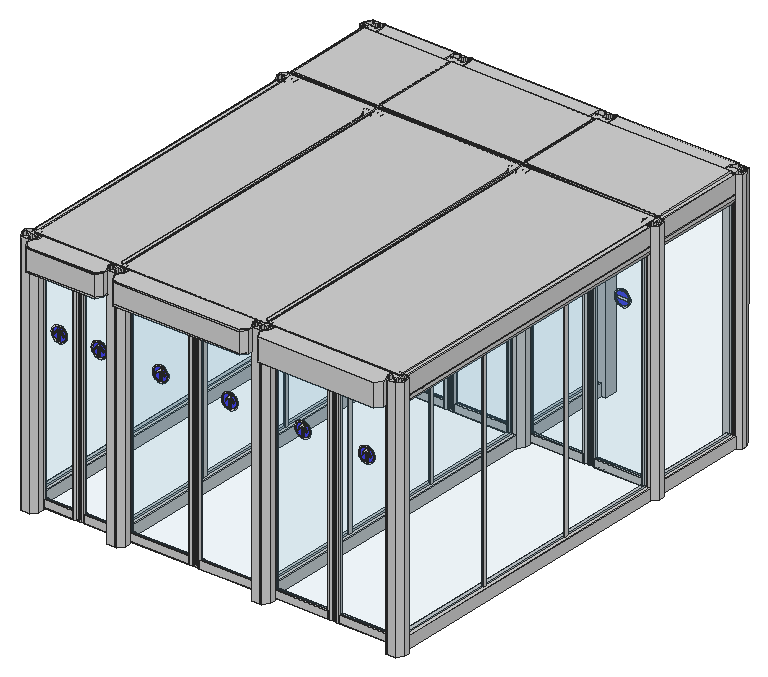
Revit family "ASSA_ABLOY_SecurityPortal_EL_Twin", category Doors, Revit 2020 (continued)
Dimensions and locks
  aligned and locked: curve 71 to plane 17
  aligned and locked: plane 24 to curve 73
  aligned and locked: plane 11 to curve 76
  aligned and locked: curve 75 to plane 12
  aligned and locked: plane 22 to curve 78
  aligned and locked: curve 80 to plane 12
  aligned and locked: plane 11 to curve 79
  aligned and locked: curve 77 to plane 23
  aligned and locked: plane 20 to curve 82
  aligned and locked: curve 84 to plane 12
  aligned and locked: plane 11 to curve 83
  aligned and locked: curve 85 to plane 24
  aligned and locked: curve 86 to Sweep 4
  aligned and locked: curve 87 to Sweep 4
  aligned and locked: curve 88 to Sweep 4
  aligned and locked: curve 89 to Sweep 12
  aligned and locked: curve 90 to Sweep 12
  aligned and locked: curve 91 to Sweep 4
  aligned and locked: Sweep 4 to curve 92
  aligned and locked: plane 14 to curve 92
  aligned and locked: plane 13 to curve 91
  aligned and locked: plane 8 "Center" to Extrusion 15 sketch curve
  aligned and locked: Extrusion 21 sketch curve to plane 25
  aligned and locked: Extrusion 21 sketch curve to plane 30
  aligned and locked: plane 7 to Extrusion 21 sketch curve
  aligned and locked: Extrusion 21 sketch curve to plane 26  (x2)
  aligned and locked: Extrusion 20 sketch curve to plane 29
  aligned and locked: Extrusion 20 sketch curve to plane 11
  aligned and locked: Extrusion 20 sketch curve to plane 13
  aligned and locked: plane 26 to nested 5
  aligned and locked: nested 5 to plane 12
  aligned and locked: plane 4 "Top" to Sweep 4
  aligned and locked: plane 4 "Top" to cut or joined group of Sweep 13, Sweep 14, Extrusion 15  (x2)
  aligned and locked: Extrusion 19 sketch curve to nested 5
  aligned and locked: Extrusion 19 sketch curve to plane 8 "Center"
  aligned and locked: Extrusion 19 sketch curve to plane 26
  aligned and locked: Extrusion 30 sketch curve to Sweep 23  (x2)
  aligned and locked: Extrusion 30 sketch curve to Sweep 22
  aligned and locked: Extrusion 44 sketch curve to Sweep 36
  aligned and locked: Sweep 22 to plane 24
  aligned and locked: Sweep 3 to plane 24  (x2)
  aligned and locked: Sweep 3 to plane 44  (x2)
  aligned and locked: plane 25 to Sweep 4  (x2)
  aligned and locked: nested 9 to plane 45
  aligned and locked: nested 8 to plane 46
  aligned and locked: plane 33 to Sweep 22
  aligned and locked: Extrusion 24 to plane 40
  aligned and locked: plane 39 to Extrusion 24
  aligned and locked: plane 33 to Sweep 23
  aligned and locked: plane 24 to Sweep 27 sketch curve
  aligned and locked: plane 25 to Sweep 27 sketch curve
  aligned and locked: plane 33 to Sweep 27 sketch curve
  aligned and locked: plane 25 to Sweep 28 sketch curve
  aligned and locked: plane 33 to Sweep 28 sketch curve
  aligned and locked: plane 24 to Sweep 28 sketch curve
  aligned and locked: Extrusion 29 sketch curve to plane 8 "Center"
  aligned and locked: Extrusion 29 sketch curve to plane 4 "Top"
  aligned and locked: plane 44 to Extrusion 29 sketch curve
  aligned and locked: Extrusion 24 sketch curve to plane 40  (x3)
  aligned and locked: Extrusion 24 sketch curve to plane 39  (x3)
  aligned and locked: plane 25 to Extrusion 24 sketch curve
  aligned and locked: Extrusion 24 sketch curve to plane 20
  aligned and locked: Extrusion 24 sketch curve to plane 21
  aligned and locked: Extrusion 24 sketch curve to plane 22
  aligned and locked: Extrusion 24 sketch curve to plane 23
  aligned and locked: plane 17 to Extrusion 24 sketch curve
  aligned and locked: plane 40 to Extrusion 29
  aligned and locked: plane 14 to Extrusion 29
  aligned and locked: plane 33 to Extrusion 32 sketch curve
  aligned and locked: Extrusion 32 sketch curve to plane 32
  aligned and locked: Extrusion 31 sketch curve to plane 47
  aligned and locked: plane 48 to Extrusion 31 sketch curve
  aligned and locked: Extrusion 30 sketch curve to plane 46
  aligned and locked: plane 45 to Extrusion 30 sketch curve
  aligned and locked: Extrusion 30 sketch curve to plane 32
  aligned and locked: plane 25 to Extrusion 30 sketch curve
  aligned and locked: Extrusion 30 sketch curve to plane 25
  aligned and locked: curve 93 to plane 49
  aligned and locked: Sweep 26 to plane 39  (x2)
  aligned and locked: Sweep 25 to plane 39
  aligned and locked: nested 7 to plane 45
  aligned and locked: nested 6 to plane 46
  aligned and locked: plane 40 to Extrusion 34 sketch curve
  aligned and locked: Extrusion 35 sketch curve to plane 50
  aligned and locked: Extrusion 33 sketch curve to plane 51
  aligned and locked: Extrusion 33 sketch curve to plane 52
  aligned and locked: plane 14 to Extrusion 34 sketch curve
  aligned and locked: Extrusion 35 sketch curve to plane 53
  aligned and locked: Sweep 36 to plane 38
  aligned and locked: Sweep 37 to plane 38
  aligned and locked: nested 11 to plane 54
  aligned and locked: nested 10 to plane 55
  aligned and locked: nested 12 to plane 55
  aligned and locked: nested 13 to plane 54
  aligned and locked: plane 44 to Extrusion 43 sketch curve
  aligned and locked: Extrusion 43 sketch curve to plane 4 "Top"
  aligned and locked: Extrusion 43 sketch curve to plane 8 "Center"
  aligned and locked: cut or joined group of Sweep 13, Sweep 14, Extrusion 15 to plane 8 "Center"
  aligned and locked: plane 43 to Extrusion 43
  aligned and locked: Extrusion 43 to plane 39
  aligned and locked: cut or joined group of Extrusion 16, Extrusion 17, Extrusion 18 to cut or joined group of Sweep 13, Sweep 14, Extrusion 15
  aligned and locked: Extrusion 16 sketch curve to Sweep 11
  aligned and locked: curve 94 to plane 49
  aligned and locked: plane 43 to Extrusion 48
  aligned and locked: Extrusion 48 to plane 39
  aligned and locked: Extrusion 45 to plane 57
  aligned and locked: plane 58 to Extrusion 45
  aligned and locked: plane 59 to Extrusion 44 sketch curve
  aligned and locked: plane 60 to Extrusion 48
  aligned and locked: Extrusion 45 to plane 61
  aligned and locked: plane 37 to Extrusion 46 sketch curve
  aligned and locked: plane 58 to Extrusion 46 sketch curve
  aligned and locked: Extrusion 46 sketch curve to plane 57
  aligned and locked: Extrusion 46 sketch curve to plane 38
  aligned and locked: plane 43 to Extrusion 47 sketch curve
  aligned and locked: Extrusion 47 sketch curve to plane 60
  aligned and locked: Extrusion 49 sketch curve to plane 64
  aligned and locked: Extrusion 49 sketch curve to plane 63
  aligned and locked: Extrusion 21 to plane 5 "PH"
  aligned and locked: plane 4 "Top" to Extrusion 19
  aligned and locked: cut or joined group of Extrusion 16, Extrusion 17, Extrusion 18 to plane 5 "PH"
  aligned and locked: Extrusion 30 to plane 5 "PH"
  aligned and locked: Extrusion 44 to plane 5 "PH"
  aligned and locked: Extrusion 29 to plane 4 "Top"
  aligned and locked: Extrusion 43 to plane 4 "Top"
  aligned and locked: plane 28 to Sweep 9
  aligned and locked: plane 28 to Sweep 7
  aligned and locked: Sweep 28 to plane 28
  aligned and locked: Sweep 42 to plane 28
  aligned and locked: Extrusion 33 to plane 4 "Top"
  aligned and locked: Extrusion 47 to plane 4 "Top"
  aligned and locked: plane 28 to Extrusion 38
  aligned and locked: plane 28 to Extrusion 24
  aligned and locked: Extrusion 35 to plane 5 "PH"
  aligned and locked: Extrusion 49 to plane 5 "PH"
  aligned and locked: plane 65 to Extrusion 21
  aligned and locked: plane 65 to Extrusion 35
  aligned and locked: plane 65 to Extrusion 49
  aligned and locked: Extrusion 19 to plane 66
  aligned and locked: Extrusion 33 to plane 66
  aligned and locked: Extrusion 47 to plane 66
  aligned and locked: Extrusion 34 to plane 5 "PH"
  aligned and locked: plane 4 "Top" to Extrusion 34
Automatic sketch dimensions
  Sweep 1 sketch curve to level = 0.00 mm
  Sweep 1 sketch curve to plane 4 "Top" = 0.00 mm
  Sweep 1 sketch curve to profile plane = 0.00 mm
  profile plane to Sweep 1 sketch curve = 2.30 mm
  profile plane to Sweep 1 sketch curve = 19.90 mm
  profile plane to Sweep 1 sketch curve = 36.52 mm
  Sweep 1 sketch curve to Sweep 1 sketch curve = 0.946 mm
  Sweep 1 sketch curve to Sweep 1 sketch curve = 22.75 mm
  Sweep 1 sketch curve to plane 1 "Entry" = 17.45 mm  (x2)
  profile plane to Sweep 1 sketch curve = 43.296 mm
  Sweep 1 sketch curve to Sweep 1 sketch curve = 16.93 mm
  Sweep 1 sketch curve to Sweep 1 sketch curve = 10.70 mm  (x2)
  Sweep 1 sketch curve to Sweep 1 sketch curve = 26.254 mm
  Sweep 1 sketch curve to Sweep 1 sketch curve = 7.00 mm  (x2)
  Sweep 1 sketch curve to Sweep 1 sketch curve = 37.00 mm
  Sweep 1 sketch curve to Sweep 1 sketch curve = 5.00 mm  (x2)
  Sweep 1 sketch curve to Sweep 1 sketch curve = 8.50 mm
  Sweep 1 sketch curve to Sweep 1 sketch curve = 25.20 mm
  Sweep 1 sketch curve to Sweep 1 sketch curve = 17.95 mm
  Sweep 1 sketch curve to Sweep 1 sketch curve = 3.40 mm
  Sweep 1 sketch curve to Sweep 1 sketch curve = 19.05 mm
  Sweep 1 sketch curve to Sweep 1 sketch curve = 20.752 mm
  Sweep 1 sketch curve to Sweep 1 sketch curve = 16.185 mm
  Sweep 1 sketch curve to Sweep 1 sketch curve = 0.746 mm
  Sweep 1 sketch curve to Sweep 1 sketch curve = 3.182 mm
  Sweep 1 sketch curve to Sweep 1 sketch curve = 22.95 mm
  plane 1 "Entry" to Sweep 1 sketch curve = 21.326 mm
  Sweep 1 sketch curve to Sweep 1 sketch curve = 17.40 mm  (x2)
  plane 1 "Entry" to Sweep 1 sketch curve = 67.057 mm
  plane 1 "Entry" to Sweep 1 sketch curve = 20.298 mm
  Sweep 1 sketch curve to Sweep 1 sketch curve = 2.50 mm
  Sweep 1 sketch curve to Sweep 1 sketch curve = 6.71 mm
  Sweep 1 sketch curve to Sweep 1 sketch curve = 2.79 mm
  plane 1 "Entry" to Sweep 1 sketch curve = 2.55 mm
  plane 1 "Entry" to Sweep 1 sketch curve = 20.296 mm
  Sweep 1 sketch curve to Sweep 1 sketch curve = 36.45 mm
  Sweep 1 sketch curve to Sweep 1 sketch curve = 23.704 mm
  Sweep 1 sketch curve to Sweep 1 sketch curve = 9.50 mm
  Sweep 1 sketch curve to Sweep 1 sketch curve = 0.00 mm  (x2)
  Sweep 1 sketch curve to Sweep 1 sketch curve = 1.754 mm  (x2)
  Sweep 1 sketch curve to Sweep 1 sketch curve = 21.303 mm
  Sweep 1 sketch curve to Sweep 1 sketch curve = 1.746 mm  (x2)
  Sweep 1 sketch curve to Sweep 1 sketch curve = 36.56 mm
  Sweep 1 sketch curve to Sweep 1 sketch curve = 13.70 mm  (x2)
  Sweep 1 sketch curve to Sweep 1 sketch curve = 10.00 mm  (x2)
  Sweep 1 sketch curve to Sweep 1 sketch curve = 8.103 mm  (x2)
  Sweep 1 sketch curve to Sweep 1 sketch curve = 6.897 mm
  Sweep 2 sketch curve to plane 4 "Top" = 0.00 mm
  plane 7 to Sweep 2 sketch curve = 0.00 mm
  Sweep 2 sketch curve to level = 0.00 mm
  Sweep 2 sketch curve to profile plane = 0.00 mm
  profile plane to Sweep 2 sketch curve = 2.30 mm
  profile plane to Sweep 2 sketch curve = 19.90 mm
  profile plane to Sweep 2 sketch curve = 36.52 mm
  Sweep 2 sketch curve to Sweep 2 sketch curve = 0.946 mm
  Sweep 2 sketch curve to Sweep 2 sketch curve = 22.75 mm
  Sweep 2 sketch curve to plane 8 "Center" = 17.45 mm
  profile plane to Sweep 2 sketch curve = 43.296 mm
  Sweep 2 sketch curve to Sweep 2 sketch curve = 16.93 mm
  Sweep 2 sketch curve to Sweep 2 sketch curve = 10.70 mm  (x2)
  Sweep 2 sketch curve to Sweep 2 sketch curve = 5.40 mm  (x2)
  Sweep 2 sketch curve to Sweep 2 sketch curve = 1.60 mm  (x2)
  Sweep 2 sketch curve to Sweep 2 sketch curve = 37.00 mm
  Sweep 2 sketch curve to Sweep 2 sketch curve = 5.00 mm  (x5)
  Sweep 2 sketch curve to Sweep 2 sketch curve = 8.50 mm
  Sweep 2 sketch curve to plane 8 "Center" = 7.95 mm
  Sweep 2 sketch curve to Sweep 2 sketch curve = 59.304 mm
  Sweep 2 sketch curve to Sweep 2 sketch curve = 3.40 mm
  Sweep 2 sketch curve to Sweep 2 sketch curve = 19.05 mm
  Sweep 2 sketch curve to Sweep 2 sketch curve = 20.752 mm
  Sweep 2 sketch curve to Sweep 2 sketch curve = 16.185 mm
  Sweep 2 sketch curve to Sweep 2 sketch curve = 0.746 mm
  Sweep 2 sketch curve to Sweep 2 sketch curve = 3.182 mm
  Sweep 2 sketch curve to Sweep 2 sketch curve = 22.95 mm
  Sweep 2 sketch curve to Sweep 2 sketch curve = 17.40 mm  (x2)
  plane 8 "Center" to Sweep 2 sketch curve = 20.298 mm
  Sweep 2 sketch curve to Sweep 2 sketch curve = 2.50 mm
  Sweep 2 sketch curve to Sweep 2 sketch curve = 2.79 mm
  plane 8 "Center" to Sweep 2 sketch curve = 20.296 mm
  Sweep 2 sketch curve to Sweep 2 sketch curve = 1.028 mm
  Sweep 2 sketch curve to Sweep 2 sketch curve = 17.674 mm
  Sweep 2 sketch curve to Sweep 2 sketch curve = 23.704 mm
  Sweep 2 sketch curve to Sweep 2 sketch curve = 9.50 mm  (x2)
  Sweep 2 sketch curve to Sweep 2 sketch curve = 21.303 mm  (x2)
  Sweep 2 sketch curve to Sweep 2 sketch curve = 1.754 mm  (x2)
  Sweep 2 sketch curve to Sweep 2 sketch curve = 1.746 mm  (x2)
  Sweep 2 sketch curve to Sweep 2 sketch curve = 36.56 mm
  Sweep 2 sketch curve to Sweep 2 sketch curve = 0.00 mm
  Sweep 2 sketch curve to Sweep 2 sketch curve = 13.70 mm  (x2)
  Sweep 2 sketch curve to Sweep 2 sketch curve = 8.103 mm  (x2)
  Sweep 2 sketch curve to Sweep 2 sketch curve = 15.00 mm
  Sweep 2 sketch curve to Sweep 2 sketch curve = 6.897 mm
  Sweep 3 sketch curve to plane 4 "Top" = 0.00 mm
  plane 6 to Sweep 3 sketch curve = 0.00 mm
  Sweep 3 sketch curve to level = 0.00 mm
  Sweep 4 sketch curve to plane 4 "Top" = 0.00 mm
  plane 6 to Sweep 4 sketch curve = 0.00 mm
  Sweep 4 sketch curve to level = 0.00 mm
  Extrusion 5 sketch curve to plane 11 = 0.00 mm  (x2)
  Extrusion 5 sketch curve to plane 12 = 0.00 mm  (x2)
  Extrusion 6 sketch curve to plane 13 = 0.00 mm  (x2)
  Extrusion 6 sketch curve to plane 14 = 0.00 mm  (x2)
  plane 19 to Sweep 7 sketch curve = 15.00 mm
  profile plane to Sweep 7 sketch curve = 88.45 mm
  Sweep 7 sketch curve to Sweep 7 sketch curve = 2.00 mm  (x3)
  plane 19 to Sweep 7 sketch curve = 1.00 mm
  Sweep 7 sketch curve to Sweep 7 sketch curve = 8.60 mm  (x2)
  Sweep 7 sketch curve to plane 19 = 1.00 mm
  Sweep 7 sketch curve to Sweep 7 sketch curve = 14.00 mm
  Sweep 7 sketch curve to Sweep 7 sketch curve = 0.00 mm  (x2)
  plane 18 to Sweep 8 sketch curve = 15.00 mm
  profile plane to Sweep 8 sketch curve = 88.45 mm
  Sweep 8 sketch curve to Sweep 8 sketch curve = 2.00 mm  (x3)
  plane 18 to Sweep 8 sketch curve = 1.00 mm
  Sweep 8 sketch curve to Sweep 8 sketch curve = 8.60 mm  (x2)
  Sweep 8 sketch curve to plane 18 = 1.00 mm
  Sweep 8 sketch curve to Sweep 8 sketch curve = 14.00 mm
  Sweep 8 sketch curve to Sweep 8 sketch curve = 0.00 mm  (x2)
  plane 19 to Sweep 9 sketch curve = 15.00 mm
  Sweep 9 sketch curve to profile plane = 75.85 mm
  Sweep 9 sketch curve to Sweep 9 sketch curve = 2.00 mm  (x3)
  plane 19 to Sweep 9 sketch curve = 1.00 mm
  Sweep 9 sketch curve to Sweep 9 sketch curve = 8.60 mm
  Sweep 9 sketch curve to Sweep 9 sketch curve = 0.00 mm  (x3)
  Sweep 9 sketch curve to plane 19 = 1.00 mm
  Sweep 9 sketch curve to Sweep 9 sketch curve = 14.00 mm
  plane 18 to Sweep 10 sketch curve = 15.00 mm
  Sweep 10 sketch curve to profile plane = 75.85 mm
  Sweep 10 sketch curve to Sweep 10 sketch curve = 2.00 mm  (x3)
  plane 18 to Sweep 10 sketch curve = 1.00 mm
  Sweep 10 sketch curve to Sweep 10 sketch curve = 8.60 mm
  Sweep 10 sketch curve to Sweep 10 sketch curve = 0.00 mm  (x3)
  Sweep 10 sketch curve to plane 18 = 1.00 mm
  Sweep 10 sketch curve to Sweep 10 sketch curve = 14.00 mm
  level to Sweep 11 sketch curve = 0.90 mm
  profile plane to Sweep 11 sketch curve = 124.65 mm
  Sweep 11 sketch curve to Sweep 11 sketch curve = 5.00 mm  (x2)
  Sweep 11 sketch curve to Sweep 11 sketch curve = 28.00 mm  (x2)
  Sweep 11 sketch curve to Sweep 11 sketch curve = 19.00 mm
  level to Sweep 11 sketch curve = 70.90 mm
  Sweep 11 sketch curve to Sweep 11 sketch curve = 35.00 mm  (x2)
  Sweep 12 sketch curve to plane 6 = 0.00 mm
  plane 24 to Sweep 12 sketch curve = 0.00 mm
  plane 25 to Sweep 12 sketch curve = 0.00 mm
  level to Sweep 12 sketch curve = 0.90 mm
  Sweep 12 sketch curve to profile plane = 39.65 mm
  Sweep 12 sketch curve to Sweep 12 sketch curve = 5.00 mm  (x2)
  Sweep 12 sketch curve to Sweep 12 sketch curve = 28.00 mm  (x2)
  Sweep 12 sketch curve to Sweep 12 sketch curve = 19.00 mm
  level to Sweep 12 sketch curve = 70.90 mm
  Sweep 12 sketch curve to Sweep 12 sketch curve = 35.00 mm  (x2)
  Sweep 13 sketch curve to plane 7 = 0.00 mm
  plane 25 to Sweep 13 sketch curve = 0.00 mm
  plane 24 to Sweep 13 sketch curve = 0.00 mm
  Sweep 13 sketch curve to Sweep 13 sketch curve = 0.00 mm  (x6)
  plane 5 "PH" to Sweep 13 sketch curve = 41.60 mm
  profile plane to Sweep 13 sketch curve = 121.15 mm
  Sweep 13 sketch curve to Sweep 13 sketch curve = 2.00 mm
  Sweep 13 sketch curve to Sweep 13 sketch curve = 3.00 mm  (x3)
  Sweep 13 sketch curve to Sweep 13 sketch curve = 3.50 mm
  Sweep 13 sketch curve to plane 5 "PH" = 28.70 mm
  Sweep 13 sketch curve to Sweep 13 sketch curve = 17.32 mm
  Sweep 13 sketch curve to Sweep 13 sketch curve = 11.68 mm  (x2)
  Sweep 13 sketch curve to Sweep 13 sketch curve = 14.00 mm
  Sweep 13 sketch curve to Sweep 13 sketch curve = 45.00 mm
  profile plane to Sweep 13 sketch curve = 46.15 mm
  plane 5 "PH" to Sweep 13 sketch curve = 1.30 mm  (x2)
  Sweep 13 sketch curve to Sweep 13 sketch curve = 20.82 mm
  Sweep 13 sketch curve to Sweep 13 sketch curve = 4.40 mm  (x3)
  Sweep 13 sketch curve to Sweep 13 sketch curve = 9.60 mm
  Sweep 13 sketch curve to Sweep 13 sketch curve = 1.00 mm
  Sweep 13 sketch curve to Sweep 13 sketch curve = 63.75 mm
  Sweep 13 sketch curve to Sweep 13 sketch curve = 37.00 mm
  Sweep 13 sketch curve to Sweep 13 sketch curve = 64.25 mm
  Sweep 14 sketch curve to plane 6 = 0.00 mm
  plane 25 to Sweep 14 sketch curve = 0.00 mm
  plane 24 to Sweep 14 sketch curve = 0.00 mm
  Sweep 14 sketch curve to Sweep 14 sketch curve = 0.00 mm  (x5)
  Sweep 14 sketch curve to profile plane = 43.15 mm
  Sweep 14 sketch curve to profile plane = 46.15 mm
  Sweep 14 sketch curve to plane 5 "PH" = 28.70 mm  (x2)
  Sweep 14 sketch curve to Sweep 14 sketch curve = 17.32 mm
  Sweep 14 sketch curve to profile plane = 71.15 mm
  Sweep 14 sketch curve to Sweep 14 sketch curve = 11.68 mm  (x2)
  Sweep 14 sketch curve to Sweep 14 sketch curve = 3.00 mm  (x2)
  Sweep 14 sketch curve to Sweep 14 sketch curve = 14.00 mm
  plane 5 "PH" to Sweep 14 sketch curve = 41.60 mm
  Sweep 14 sketch curve to Sweep 14 sketch curve = 26.50 mm
  Sweep 14 sketch curve to Sweep 14 sketch curve = 45.00 mm
  Sweep 14 sketch curve to Sweep 14 sketch curve = 3.50 mm
  Sweep 14 sketch curve to Sweep 14 sketch curve = 5.50 mm
  Sweep 14 sketch curve to Sweep 14 sketch curve = 2.00 mm
  Sweep 14 sketch curve to Sweep 14 sketch curve = 4.40 mm  (x2)
  Sweep 14 sketch curve to Sweep 14 sketch curve = 9.60 mm
  plane 5 "PH" to Sweep 14 sketch curve = 1.30 mm  (x2)
  Sweep 14 sketch curve to Sweep 14 sketch curve = 1.00 mm
  Sweep 14 sketch curve to Sweep 14 sketch curve = 63.75 mm
  Sweep 14 sketch curve to Sweep 14 sketch curve = 37.00 mm
  Sweep 14 sketch curve to Sweep 14 sketch curve = 64.25 mm
  Extrusion 16 sketch curve to plane 7 = 0.00 mm
  Extrusion 16 sketch curve to plane 6 = 0.00 mm
  Extrusion 16 sketch curve to plane 9 = 14.65 mm
  plane 7 to Extrusion 16 sketch curve = 1.892 mm
  Extrusion 16 sketch curve to plane 30 = 0.642 mm
  Extrusion 16 sketch curve to plane 10 = 14.65 mm
  plane 8 "Center" to Extrusion 16 sketch curve = 20.296 mm
  plane 44 to Extrusion 16 sketch curve = 48.505 mm  (x2)
  Extrusion 16 sketch curve to Extrusion 16 sketch curve = 60.413 mm  (x2)
  Extrusion 16 sketch curve to Extrusion 16 sketch curve = 32.344 mm  (x2)
  Extrusion 16 sketch curve to Extrusion 16 sketch curve = 63.44 mm
  Extrusion 17 sketch curve to plane 9 = 14.65 mm
  Extrusion 17 sketch curve to Extrusion 17 sketch curve = 2.00 mm  (x3)
  plane 7 to Extrusion 17 sketch curve = 1.892 mm
  Extrusion 17 sketch curve to Extrusion 17 sketch curve = 1.109 mm
  Extrusion 17 sketch curve to plane 30 = 1.75 mm
  Extrusion 17 sketch curve to plane 30 = 0.642 mm
  Extrusion 17 sketch curve to plane 10 = 12.65 mm
  plane 44 to Extrusion 17 sketch curve = 108.462 mm  (x2)
  Extrusion 17 sketch curve to Extrusion 17 sketch curve = 32.226 mm
  Extrusion 17 sketch curve to Extrusion 17 sketch curve = 32.227 mm
  Extrusion 17 sketch curve to Extrusion 17 sketch curve = 0.573 mm  (x2)
  Extrusion 17 sketch curve to Extrusion 17 sketch curve = 62.014 mm
  Extrusion 18 sketch curve to plane 7 = 0.00 mm
  Extrusion 18 sketch curve to plane 6 = 0.00 mm
  Extrusion 18 sketch curve to plane 9 = 14.65 mm
  plane 7 to Extrusion 18 sketch curve = 1.892 mm
  Extrusion 18 sketch curve to plane 30 = 0.642 mm
  Extrusion 18 sketch curve to plane 10 = 14.65 mm
  Extrusion 18 sketch curve to plane 44 = 0.001 mm
  plane 44 to Extrusion 18 sketch curve = 48.505 mm  (x2)
  Extrusion 18 sketch curve to Extrusion 18 sketch curve = 60.413 mm  (x2)
  Extrusion 18 sketch curve to Extrusion 18 sketch curve = 32.344 mm  (x2)
  Extrusion 18 sketch curve to Extrusion 18 sketch curve = 63.44 mm
  curve 29 to curve 59 = 42.954 mm
  curve 59 to curve 28 = 38.40 mm
  curve 30 to curve 60 = 0.00 mm
  curve 80 to curve 49 = 3.00 mm
  curve 31 to curve 33 = 5.40 mm
  plane 11 to Extrusion 19 sketch curve = 1.875 mm
  Extrusion 19 sketch curve to plane 9 = 20.196 mm
  plane 29 to Extrusion 19 sketch curve = 1.875 mm
  plane 7 to Extrusion 19 sketch curve = 21.671 mm
  Extrusion 19 sketch curve to plane 30 = 15.421 mm
  Extrusion 19 sketch curve to plane 10 = 20.00 mm
  Extrusion 19 sketch curve to plane 31 = 0.024 mm
  plane 13 to Extrusion 19 sketch curve = 2.50 mm
  plane 31 to Extrusion 19 sketch curve = 5.601 mm
  plane 26 to Extrusion 20 sketch curve = 0.00 mm  (x2)
  plane 11 to Extrusion 20 sketch curve = 2.031 mm
  plane 7 to Extrusion 20 sketch curve = 20.371 mm
  plane 29 to Extrusion 20 sketch curve = 2.00 mm
  Extrusion 20 sketch curve to Extrusion 20 sketch curve = 0.828 mm  (x2)
  Extrusion 20 sketch curve to plane 30 = 15.05 mm
  Extrusion 20 sketch curve to Extrusion 20 sketch curve = 1.975 mm
  Extrusion 20 sketch curve to plane 31 = 0.599 mm
  plane 31 to Extrusion 20 sketch curve = 0.255 mm
  plane 31 to Extrusion 20 sketch curve = 4.301 mm
  Extrusion 20 sketch curve to Extrusion 20 sketch curve = 0.797 mm
  Extrusion 21 sketch curve to plane 9 = 14.602 mm
  Extrusion 21 sketch curve to plane 9 = 20.30 mm
  plane 11 to Extrusion 21 sketch curve = 10.00 mm
  plane 7 to Extrusion 21 sketch curve = 17.605 mm
  Extrusion 21 sketch curve to plane 30 = 16.561 mm
  Extrusion 21 sketch curve to plane 10 = 14.396 mm
  Extrusion 21 sketch curve to plane 10 = 20.093 mm
  plane 13 to Extrusion 21 sketch curve = 10.00 mm
  plane 31 to Extrusion 21 sketch curve = 1.741 mm
  plane 31 to Extrusion 21 sketch curve = 1.535 mm
  plane 29 to Extrusion 21 sketch curve = 10.00 mm
  plane 8 "Center" to Extrusion 21 sketch curve = 20.083 mm  (x2)
  Extrusion 21 sketch curve to Extrusion 21 sketch curve = 46.671 mm
  Extrusion 21 sketch curve to Extrusion 21 sketch curve = 48.341 mm
  Sweep 22 sketch curve to plane 4 "Top" = 0.00 mm
  Sweep 22 sketch curve to level = 0.00 mm
  plane 41 to Sweep 22 sketch curve = 979.00 mm
  Sweep 22 sketch curve to profile plane = 0.00 mm
  Sweep 22 sketch curve to profile plane = 2.30 mm
  Sweep 22 sketch curve to Sweep 22 sketch curve = 17.60 mm
  Sweep 22 sketch curve to profile plane = 36.52 mm
  Sweep 22 sketch curve to Sweep 22 sketch curve = 0.946 mm
  Sweep 22 sketch curve to Sweep 22 sketch curve = 22.75 mm
  Sweep 22 sketch curve to profile plane = 17.45 mm
  Sweep 22 sketch curve to profile plane = 43.296 mm
  Sweep 22 sketch curve to Sweep 22 sketch curve = 16.93 mm
  Sweep 22 sketch curve to Sweep 22 sketch curve = 10.70 mm  (x2)
  profile plane to Sweep 22 sketch curve = 2.55 mm
  Sweep 22 sketch curve to Sweep 22 sketch curve = 26.254 mm
  Sweep 22 sketch curve to Sweep 22 sketch curve = 7.00 mm  (x2)
  Sweep 22 sketch curve to Sweep 22 sketch curve = 37.00 mm
  Sweep 22 sketch curve to Sweep 22 sketch curve = 5.00 mm  (x2)
  Sweep 22 sketch curve to Sweep 22 sketch curve = 8.50 mm
  Sweep 22 sketch curve to Sweep 22 sketch curve = 25.20 mm
  Sweep 22 sketch curve to Sweep 22 sketch curve = 17.95 mm
  Sweep 22 sketch curve to Sweep 22 sketch curve = 3.40 mm
  Sweep 22 sketch curve to Sweep 22 sketch curve = 19.05 mm
  Sweep 22 sketch curve to Sweep 22 sketch curve = 20.752 mm
  Sweep 22 sketch curve to Sweep 22 sketch curve = 16.185 mm
  Sweep 22 sketch curve to Sweep 22 sketch curve = 0.746 mm
  Sweep 22 sketch curve to profile plane = 10.74 mm
  Sweep 22 sketch curve to Sweep 22 sketch curve = 3.182 mm
  Sweep 22 sketch curve to Sweep 22 sketch curve = 22.95 mm
  Sweep 22 sketch curve to Sweep 22 sketch curve = 17.40 mm  (x2)
  profile plane to Sweep 22 sketch curve = 21.326 mm
  Sweep 22 sketch curve to Sweep 22 sketch curve = 2.50 mm
  Sweep 22 sketch curve to Sweep 22 sketch curve = 6.71 mm
  Sweep 22 sketch curve to Sweep 22 sketch curve = 2.79 mm
  profile plane to Sweep 22 sketch curve = 20.296 mm
  Sweep 22 sketch curve to Sweep 22 sketch curve = 1.028 mm
  Sweep 22 sketch curve to Sweep 22 sketch curve = 36.45 mm
  Sweep 22 sketch curve to Sweep 22 sketch curve = 23.704 mm
  Sweep 22 sketch curve to Sweep 22 sketch curve = 9.50 mm
  Sweep 22 sketch curve to Sweep 22 sketch curve = 0.00 mm  (x2)
  Sweep 22 sketch curve to Sweep 22 sketch curve = 21.303 mm  (x2)
  Sweep 22 sketch curve to Sweep 22 sketch curve = 1.754 mm  (x2)
  Sweep 22 sketch curve to Sweep 22 sketch curve = 1.746 mm  (x2)
  Sweep 22 sketch curve to Sweep 22 sketch curve = 36.56 mm
  Sweep 22 sketch curve to Sweep 22 sketch curve = 13.70 mm  (x2)
  Sweep 22 sketch curve to Sweep 22 sketch curve = 10.00 mm  (x2)
  Sweep 22 sketch curve to Sweep 22 sketch curve = 8.103 mm  (x2)
  Sweep 22 sketch curve to Sweep 22 sketch curve = 6.897 mm
  Sweep 23 sketch curve to plane 4 "Top" = 0.00 mm
  Sweep 23 sketch curve to level = 0.00 mm
  plane 41 to Sweep 23 sketch curve = 979.00 mm
  Sweep 23 sketch curve to profile plane = 0.00 mm
  Sweep 23 sketch curve to profile plane = 2.30 mm
  Sweep 23 sketch curve to Sweep 23 sketch curve = 17.60 mm
  Sweep 23 sketch curve to profile plane = 36.52 mm
  Sweep 23 sketch curve to Sweep 23 sketch curve = 0.946 mm
  Sweep 23 sketch curve to Sweep 23 sketch curve = 22.75 mm
  Sweep 23 sketch curve to profile plane = 17.45 mm
  Sweep 23 sketch curve to profile plane = 43.296 mm
  Sweep 23 sketch curve to Sweep 23 sketch curve = 16.93 mm
  Sweep 23 sketch curve to Sweep 23 sketch curve = 10.70 mm  (x2)
  Sweep 23 sketch curve to Sweep 23 sketch curve = 5.40 mm
  Sweep 23 sketch curve to Sweep 23 sketch curve = 1.60 mm  (x2)
  Sweep 23 sketch curve to Sweep 23 sketch curve = 8.50 mm  (x2)
  Sweep 23 sketch curve to Sweep 23 sketch curve = 5.00 mm  (x5)
  Sweep 23 sketch curve to Sweep 23 sketch curve = 7.00 mm
  Sweep 23 sketch curve to profile plane = 7.95 mm
  Sweep 23 sketch curve to Sweep 23 sketch curve = 59.304 mm
  Sweep 23 sketch curve to Sweep 23 sketch curve = 3.40 mm
  Sweep 23 sketch curve to Sweep 23 sketch curve = 19.05 mm
  Sweep 23 sketch curve to Sweep 23 sketch curve = 20.752 mm
  Sweep 23 sketch curve to Sweep 23 sketch curve = 16.185 mm
  Sweep 23 sketch curve to Sweep 23 sketch curve = 0.746 mm
  Sweep 23 sketch curve to profile plane = 10.74 mm
  Sweep 23 sketch curve to Sweep 23 sketch curve = 3.182 mm
  Sweep 23 sketch curve to Sweep 23 sketch curve = 22.95 mm
  Sweep 23 sketch curve to Sweep 23 sketch curve = 17.40 mm  (x2)
  profile plane to Sweep 23 sketch curve = 21.326 mm
  Sweep 23 sketch curve to Sweep 23 sketch curve = 2.50 mm
  profile plane to Sweep 23 sketch curve = 20.296 mm
  Sweep 23 sketch curve to Sweep 23 sketch curve = 1.028 mm
  Sweep 23 sketch curve to Sweep 23 sketch curve = 17.674 mm
  Sweep 23 sketch curve to Sweep 23 sketch curve = 23.704 mm
  Sweep 23 sketch curve to Sweep 23 sketch curve = 9.50 mm  (x2)
  Sweep 23 sketch curve to Sweep 23 sketch curve = 21.303 mm  (x2)
  Sweep 23 sketch curve to Sweep 23 sketch curve = 1.754 mm  (x2)
  Sweep 23 sketch curve to Sweep 23 sketch curve = 1.746 mm  (x2)
  Sweep 23 sketch curve to Sweep 23 sketch curve = 36.56 mm
  Sweep 23 sketch curve to Sweep 23 sketch curve = 0.00 mm
  Sweep 23 sketch curve to Sweep 23 sketch curve = 13.70 mm  (x2)
  Sweep 23 sketch curve to Sweep 23 sketch curve = 8.103 mm  (x2)
  Sweep 23 sketch curve to Sweep 23 sketch curve = 15.00 mm
  Sweep 23 sketch curve to Sweep 23 sketch curve = 6.897 mm
  Sweep 25 sketch curve to plane 28 = 0.00 mm
  Sweep 25 sketch curve to plane 27 = 0.00 mm
  Sweep 25 sketch curve to plane 41 = 979.10 mm
  profile plane to Sweep 25 sketch curve = 15.00 mm
  Sweep 25 sketch curve to profile plane = 75.85 mm
  Sweep 25 sketch curve to Sweep 25 sketch curve = 2.00 mm  (x3)
  profile plane to Sweep 25 sketch curve = 1.00 mm
  Sweep 25 sketch curve to Sweep 25 sketch curve = 8.60 mm
  Sweep 25 sketch curve to Sweep 25 sketch curve = 0.00 mm  (x3)
  Sweep 25 sketch curve to profile plane = 1.00 mm
  Sweep 25 sketch curve to Sweep 25 sketch curve = 14.00 mm
  Sweep 26 sketch curve to plane 28 = 0.00 mm
  Sweep 26 sketch curve to plane 27 = 0.00 mm
  Sweep 26 sketch curve to plane 41 = 979.10 mm
  profile plane to Sweep 26 sketch curve = 15.00 mm
  Sweep 26 sketch curve to profile plane = 75.85 mm
  Sweep 26 sketch curve to Sweep 26 sketch curve = 2.00 mm  (x3)
  profile plane to Sweep 26 sketch curve = 1.00 mm
  Sweep 26 sketch curve to Sweep 26 sketch curve = 8.60 mm
  Sweep 26 sketch curve to Sweep 26 sketch curve = 0.00 mm  (x3)
  Sweep 26 sketch curve to profile plane = 1.00 mm
  Sweep 26 sketch curve to Sweep 26 sketch curve = 14.00 mm
  level to Sweep 27 sketch curve = 0.90 mm
  Sweep 27 sketch curve to profile plane = 39.65 mm
  Sweep 27 sketch curve to Sweep 27 sketch curve = 5.00 mm  (x2)
  Sweep 27 sketch curve to Sweep 27 sketch curve = 28.00 mm  (x2)
  Sweep 27 sketch curve to Sweep 27 sketch curve = 19.00 mm
  level to Sweep 27 sketch curve = 70.90 mm
  Sweep 27 sketch curve to Sweep 27 sketch curve = 35.00 mm  (x2)
  Sweep 28 sketch curve to Sweep 28 sketch curve = 0.00 mm  (x5)
  Sweep 28 sketch curve to profile plane = 43.15 mm
  Sweep 28 sketch curve to profile plane = 46.15 mm
  Sweep 28 sketch curve to plane 5 "PH" = 28.70 mm  (x2)
  Sweep 28 sketch curve to Sweep 28 sketch curve = 17.32 mm
  Sweep 28 sketch curve to profile plane = 71.15 mm
  Sweep 28 sketch curve to Sweep 28 sketch curve = 11.68 mm  (x2)
  Sweep 28 sketch curve to Sweep 28 sketch curve = 3.00 mm  (x2)
  Sweep 28 sketch curve to Sweep 28 sketch curve = 14.00 mm
  plane 5 "PH" to Sweep 28 sketch curve = 41.60 mm
  Sweep 28 sketch curve to Sweep 28 sketch curve = 26.50 mm
  Sweep 28 sketch curve to Sweep 28 sketch curve = 45.00 mm
  Sweep 28 sketch curve to Sweep 28 sketch curve = 3.50 mm
  Sweep 28 sketch curve to Sweep 28 sketch curve = 5.50 mm
  Sweep 28 sketch curve to Sweep 28 sketch curve = 2.00 mm
  Sweep 28 sketch curve to Sweep 28 sketch curve = 4.40 mm  (x2)
  Sweep 28 sketch curve to Sweep 28 sketch curve = 9.60 mm
  plane 5 "PH" to Sweep 28 sketch curve = 1.30 mm  (x2)
  Sweep 28 sketch curve to Sweep 28 sketch curve = 1.00 mm
  Sweep 28 sketch curve to Sweep 28 sketch curve = 63.75 mm
  Sweep 28 sketch curve to Sweep 28 sketch curve = 37.00 mm
  Sweep 28 sketch curve to Sweep 28 sketch curve = 64.25 mm
  plane 44 to Extrusion 30 sketch curve = 164.387 mm
  Extrusion 30 sketch curve to Extrusion 30 sketch curve = 19.85 mm
  plane 44 to Extrusion 30 sketch curve = 48.505 mm  (x2)
  Extrusion 30 sketch curve to Extrusion 30 sketch curve = 43.15 mm  (x2)
  plane 44 to Extrusion 30 sketch curve = 204.702 mm
  Extrusion 30 sketch curve to Extrusion 30 sketch curve = 25.192 mm
  Extrusion 30 sketch curve to Extrusion 30 sketch curve = 1.892 mm
  plane 44 to Extrusion 30 sketch curve = 85.633 mm
  Extrusion 30 sketch curve to Extrusion 30 sketch curve = 23.20 mm
  Extrusion 30 sketch curve to Extrusion 30 sketch curve = 48.507 mm  (x2)
  Extrusion 30 sketch curve to Extrusion 30 sketch curve = 78.594 mm
  Extrusion 30 sketch curve to Extrusion 30 sketch curve = 78.914 mm
  plane 44 to Extrusion 31 sketch curve = 108.462 mm
  plane 44 to Extrusion 31 sketch curve = 140.689 mm  (x2)
  Extrusion 31 sketch curve to Extrusion 31 sketch curve = 2.00 mm  (x3)
  plane 44 to Extrusion 31 sketch curve = 204.702 mm
  Extrusion 31 sketch curve to Extrusion 31 sketch curve = 37.642 mm
  Extrusion 31 sketch curve to Extrusion 31 sketch curve = 1.109 mm  (x2)
  Extrusion 31 sketch curve to Extrusion 31 sketch curve = 38.75 mm
  plane 44 to Extrusion 31 sketch curve = 141.262 mm
  Extrusion 31 sketch curve to Extrusion 31 sketch curve = 32.227 mm
  Extrusion 31 sketch curve to Extrusion 31 sketch curve = 0.573 mm
  plane 44 to Extrusion 32 sketch curve = 141.262 mm
  plane 44 to Extrusion 32 sketch curve = 48.505 mm  (x2)
  Extrusion 32 sketch curve to Extrusion 32 sketch curve = 37.75 mm
  Extrusion 32 sketch curve to Extrusion 32 sketch curve = 39.642 mm  (x2)
  Extrusion 32 sketch curve to Extrusion 32 sketch curve = 1.892 mm
  Extrusion 32 sketch curve to Extrusion 32 sketch curve = 48.507 mm
  Extrusion 32 sketch curve to Extrusion 32 sketch curve = 60.413 mm
  Extrusion 32 sketch curve to Extrusion 32 sketch curve = 32.344 mm  (x2)
  Extrusion 32 sketch curve to Extrusion 32 sketch curve = 63.44 mm
  Extrusion 33 sketch curve to plane 26 = 180.989 mm
  Extrusion 33 sketch curve to plane 25 = 146.21 mm  (x2)
  Extrusion 33 sketch curve to Extrusion 33 sketch curve = 32.879 mm
  Extrusion 33 sketch curve to plane 31 = 92.245 mm
  Extrusion 33 sketch curve to Extrusion 33 sketch curve = 97.846 mm
  Extrusion 33 sketch curve to Extrusion 33 sketch curve = 59.771 mm
  Extrusion 33 sketch curve to plane 26 = 186.614 mm
  Extrusion 33 sketch curve to Extrusion 33 sketch curve = 92.221 mm
  Extrusion 33 sketch curve to Extrusion 33 sketch curve = 17.45 mm
  Extrusion 34 sketch curve to plane 26 = 182.089 mm
  Extrusion 34 sketch curve to plane 26 = 181.492 mm
  Extrusion 34 sketch curve to Extrusion 34 sketch curve = 2.231 mm
  Extrusion 34 sketch curve to plane 31 = 94.12 mm
  Extrusion 34 sketch curve to Extrusion 34 sketch curve = 96.39 mm
  Extrusion 34 sketch curve to plane 31 = 92.12 mm
  Extrusion 34 sketch curve to Extrusion 34 sketch curve = 0.828 mm  (x2)
  Extrusion 34 sketch curve to plane 25 = 146.21 mm  (x2)
  Extrusion 34 sketch curve to Extrusion 34 sketch curve = 92.375 mm
  Extrusion 34 sketch curve to Extrusion 34 sketch curve = 2.075 mm
  Extrusion 34 sketch curve to plane 26 = 187.089 mm
  Extrusion 34 sketch curve to Extrusion 34 sketch curve = 0.753 mm
  Extrusion 35 sketch curve to plane 26 = 185.056 mm
  Extrusion 35 sketch curve to plane 25 = 146.21 mm  (x2)
  Extrusion 35 sketch curve to Extrusion 35 sketch curve = 24.65 mm
  plane 25 to Extrusion 35 sketch curve = 0.00 mm
  Extrusion 35 sketch curve to Extrusion 35 sketch curve = 5.698 mm
  Extrusion 35 sketch curve to Extrusion 35 sketch curve = 43.40 mm
  Extrusion 35 sketch curve to plane 31 = 84.12 mm
  Extrusion 35 sketch curve to Extrusion 35 sketch curve = 85.655 mm
  Extrusion 35 sketch curve to plane 25 = 108.677 mm  (x2)
  Extrusion 35 sketch curve to Extrusion 35 sketch curve = 16.561 mm
  Extrusion 35 sketch curve to Extrusion 35 sketch curve = 38.746 mm
  Extrusion 35 sketch curve to Extrusion 35 sketch curve = 44.443 mm
  Extrusion 35 sketch curve to Extrusion 35 sketch curve = 24.857 mm
  Extrusion 35 sketch curve to plane 26 = 184.85 mm
  Extrusion 35 sketch curve to Extrusion 35 sketch curve = 46.671 mm
  Extrusion 35 sketch curve to Extrusion 35 sketch curve = 48.341 mm
  Sweep 36 sketch curve to plane 4 "Top" = 0.00 mm
  Sweep 36 sketch curve to level = 0.00 mm
  plane 41 to Sweep 36 sketch curve = 164.50 mm
  Sweep 36 sketch curve to profile plane = 0.00 mm
  Sweep 36 sketch curve to profile plane = 2.30 mm
  Sweep 36 sketch curve to Sweep 36 sketch curve = 17.60 mm
  Sweep 36 sketch curve to profile plane = 36.52 mm
  Sweep 36 sketch curve to Sweep 36 sketch curve = 0.946 mm
  Sweep 36 sketch curve to Sweep 36 sketch curve = 22.75 mm
  Sweep 36 sketch curve to profile plane = 17.45 mm
  Sweep 36 sketch curve to profile plane = 43.296 mm
  Sweep 36 sketch curve to Sweep 36 sketch curve = 16.93 mm
  Sweep 36 sketch curve to Sweep 36 sketch curve = 10.70 mm  (x2)
  profile plane to Sweep 36 sketch curve = 2.55 mm
  Sweep 36 sketch curve to Sweep 36 sketch curve = 26.254 mm
  Sweep 36 sketch curve to Sweep 36 sketch curve = 7.00 mm  (x2)
  Sweep 36 sketch curve to Sweep 36 sketch curve = 37.00 mm
  Sweep 36 sketch curve to Sweep 36 sketch curve = 5.00 mm  (x2)
  Sweep 36 sketch curve to Sweep 36 sketch curve = 8.50 mm
  Sweep 36 sketch curve to Sweep 36 sketch curve = 25.20 mm
  Sweep 36 sketch curve to Sweep 36 sketch curve = 17.95 mm
  Sweep 36 sketch curve to Sweep 36 sketch curve = 3.40 mm
  Sweep 36 sketch curve to Sweep 36 sketch curve = 19.05 mm
  Sweep 36 sketch curve to Sweep 36 sketch curve = 20.752 mm
  Sweep 36 sketch curve to Sweep 36 sketch curve = 16.185 mm
  Sweep 36 sketch curve to Sweep 36 sketch curve = 0.746 mm
  Sweep 36 sketch curve to profile plane = 10.74 mm
  Sweep 36 sketch curve to Sweep 36 sketch curve = 3.182 mm
  Sweep 36 sketch curve to Sweep 36 sketch curve = 22.95 mm
  Sweep 36 sketch curve to Sweep 36 sketch curve = 17.40 mm  (x2)
  profile plane to Sweep 36 sketch curve = 21.326 mm
  Sweep 36 sketch curve to Sweep 36 sketch curve = 2.50 mm
  Sweep 36 sketch curve to Sweep 36 sketch curve = 6.71 mm
  Sweep 36 sketch curve to Sweep 36 sketch curve = 2.79 mm
  profile plane to Sweep 36 sketch curve = 20.296 mm
  Sweep 36 sketch curve to Sweep 36 sketch curve = 1.028 mm
  Sweep 36 sketch curve to Sweep 36 sketch curve = 36.45 mm
  Sweep 36 sketch curve to Sweep 36 sketch curve = 23.704 mm
  Sweep 36 sketch curve to Sweep 36 sketch curve = 9.50 mm
  Sweep 36 sketch curve to Sweep 36 sketch curve = 0.00 mm  (x2)
  Sweep 36 sketch curve to Sweep 36 sketch curve = 21.303 mm  (x2)
  Sweep 36 sketch curve to Sweep 36 sketch curve = 1.754 mm  (x2)
  Sweep 36 sketch curve to Sweep 36 sketch curve = 1.746 mm  (x2)
  Sweep 36 sketch curve to Sweep 36 sketch curve = 36.56 mm
  Sweep 36 sketch curve to Sweep 36 sketch curve = 13.70 mm  (x2)
  Sweep 36 sketch curve to Sweep 36 sketch curve = 10.00 mm  (x2)
  Sweep 36 sketch curve to Sweep 36 sketch curve = 8.103 mm  (x2)
  Sweep 36 sketch curve to Sweep 36 sketch curve = 6.897 mm
  Sweep 37 sketch curve to plane 4 "Top" = 0.00 mm
  Sweep 37 sketch curve to level = 0.00 mm
  plane 41 to Sweep 37 sketch curve = 164.50 mm
  Sweep 37 sketch curve to profile plane = 0.00 mm
  Sweep 37 sketch curve to profile plane = 2.30 mm
  Sweep 37 sketch curve to Sweep 37 sketch curve = 17.60 mm
  Sweep 37 sketch curve to profile plane = 36.52 mm
  Sweep 37 sketch curve to Sweep 37 sketch curve = 0.946 mm
  Sweep 37 sketch curve to Sweep 37 sketch curve = 22.75 mm
  Sweep 37 sketch curve to profile plane = 17.45 mm
  Sweep 37 sketch curve to profile plane = 43.296 mm
  Sweep 37 sketch curve to Sweep 37 sketch curve = 16.93 mm
  Sweep 37 sketch curve to Sweep 37 sketch curve = 10.70 mm  (x2)
  Sweep 37 sketch curve to Sweep 37 sketch curve = 5.40 mm
  Sweep 37 sketch curve to Sweep 37 sketch curve = 1.60 mm  (x2)
  Sweep 37 sketch curve to Sweep 37 sketch curve = 8.50 mm  (x2)
  Sweep 37 sketch curve to Sweep 37 sketch curve = 5.00 mm  (x5)
  Sweep 37 sketch curve to Sweep 37 sketch curve = 7.00 mm
  Sweep 37 sketch curve to profile plane = 7.95 mm
  Sweep 37 sketch curve to Sweep 37 sketch curve = 59.304 mm
  Sweep 37 sketch curve to Sweep 37 sketch curve = 3.40 mm
  Sweep 37 sketch curve to Sweep 37 sketch curve = 19.05 mm
  Sweep 37 sketch curve to Sweep 37 sketch curve = 20.752 mm
  Sweep 37 sketch curve to Sweep 37 sketch curve = 16.185 mm
  Sweep 37 sketch curve to Sweep 37 sketch curve = 0.746 mm
  Sweep 37 sketch curve to profile plane = 10.74 mm
  Sweep 37 sketch curve to Sweep 37 sketch curve = 3.182 mm
  Sweep 37 sketch curve to Sweep 37 sketch curve = 22.95 mm
  Sweep 37 sketch curve to Sweep 37 sketch curve = 17.40 mm  (x2)
  profile plane to Sweep 37 sketch curve = 21.326 mm
  Sweep 37 sketch curve to Sweep 37 sketch curve = 2.50 mm
  profile plane to Sweep 37 sketch curve = 20.296 mm
  Sweep 37 sketch curve to Sweep 37 sketch curve = 1.028 mm
  Sweep 37 sketch curve to Sweep 37 sketch curve = 17.674 mm
  Sweep 37 sketch curve to Sweep 37 sketch curve = 23.704 mm
  Sweep 37 sketch curve to Sweep 37 sketch curve = 9.50 mm  (x2)
  Sweep 37 sketch curve to Sweep 37 sketch curve = 21.303 mm  (x2)
  Sweep 37 sketch curve to Sweep 37 sketch curve = 1.754 mm  (x2)
  Sweep 37 sketch curve to Sweep 37 sketch curve = 1.746 mm  (x2)
  Sweep 37 sketch curve to Sweep 37 sketch curve = 36.56 mm
  Sweep 37 sketch curve to Sweep 37 sketch curve = 0.00 mm
  Sweep 37 sketch curve to Sweep 37 sketch curve = 13.70 mm  (x2)
  Sweep 37 sketch curve to Sweep 37 sketch curve = 8.103 mm  (x2)
  Sweep 37 sketch curve to Sweep 37 sketch curve = 15.00 mm
  Sweep 37 sketch curve to Sweep 37 sketch curve = 6.897 mm
  plane 20 to Extrusion 38 sketch curve = 952.637 mm
  plane 41 to Extrusion 38 sketch curve = 86.45 mm
  plane 44 to Extrusion 38 sketch curve = 29.648 mm
  Extrusion 38 sketch curve to Extrusion 38 sketch curve = 0.00 mm  (x3)
  Extrusion 38 sketch curve to Extrusion 38 sketch curve = 8.20 mm  (x2)
  plane 24 to Extrusion 38 sketch curve = 944.537 mm
  Extrusion 38 sketch curve to Extrusion 38 sketch curve = 8.00 mm  (x2)
  plane 22 to Extrusion 38 sketch curve = 948.637 mm
  Sweep 39 sketch curve to plane 28 = 0.00 mm
  Sweep 39 sketch curve to plane 27 = 0.00 mm
  Sweep 39 sketch curve to plane 41 = 164.50 mm
  profile plane to Sweep 39 sketch curve = 15.00 mm
  Sweep 39 sketch curve to profile plane = 75.85 mm
  Sweep 39 sketch curve to Sweep 39 sketch curve = 2.00 mm  (x3)
  profile plane to Sweep 39 sketch curve = 1.00 mm
  Sweep 39 sketch curve to Sweep 39 sketch curve = 8.60 mm
  Sweep 39 sketch curve to Sweep 39 sketch curve = 0.00 mm  (x3)
  Sweep 39 sketch curve to profile plane = 1.00 mm
  Sweep 39 sketch curve to Sweep 39 sketch curve = 14.00 mm
  Sweep 40 sketch curve to plane 28 = 0.00 mm
  Sweep 40 sketch curve to plane 27 = 0.00 mm
  Sweep 40 sketch curve to plane 41 = 164.50 mm
  profile plane to Sweep 40 sketch curve = 15.00 mm
  Sweep 40 sketch curve to profile plane = 75.85 mm
  Sweep 40 sketch curve to Sweep 40 sketch curve = 2.00 mm  (x3)
  profile plane to Sweep 40 sketch curve = 1.00 mm
  Sweep 40 sketch curve to Sweep 40 sketch curve = 8.60 mm
  Sweep 40 sketch curve to Sweep 40 sketch curve = 0.00 mm  (x3)
  Sweep 40 sketch curve to profile plane = 1.00 mm
  Sweep 40 sketch curve to Sweep 40 sketch curve = 14.00 mm
  plane 20 to Sweep 41 sketch curve = 944.537 mm
  plane 41 to Sweep 41 sketch curve = 164.50 mm
  plane 44 to Sweep 41 sketch curve = 37.748 mm
  level to Sweep 41 sketch curve = 0.90 mm
  Sweep 41 sketch curve to profile plane = 39.65 mm
  Sweep 41 sketch curve to Sweep 41 sketch curve = 5.00 mm  (x2)
  Sweep 41 sketch curve to Sweep 41 sketch curve = 28.00 mm  (x2)
  Sweep 41 sketch curve to Sweep 41 sketch curve = 19.00 mm
  level to Sweep 41 sketch curve = 70.90 mm
  Sweep 41 sketch curve to Sweep 41 sketch curve = 35.00 mm  (x2)
  plane 20 to Sweep 42 sketch curve = 944.537 mm
  plane 41 to Sweep 42 sketch curve = 164.50 mm
  plane 44 to Sweep 42 sketch curve = 37.748 mm
  Sweep 42 sketch curve to Sweep 42 sketch curve = 0.00 mm  (x5)
  Sweep 42 sketch curve to profile plane = 43.15 mm
  Sweep 42 sketch curve to profile plane = 46.15 mm
  Sweep 42 sketch curve to plane 5 "PH" = 28.70 mm  (x2)
  Sweep 42 sketch curve to Sweep 42 sketch curve = 17.32 mm
  Sweep 42 sketch curve to profile plane = 71.15 mm
  Sweep 42 sketch curve to Sweep 42 sketch curve = 11.68 mm  (x2)
  Sweep 42 sketch curve to Sweep 42 sketch curve = 3.00 mm  (x2)
  Sweep 42 sketch curve to Sweep 42 sketch curve = 14.00 mm
  plane 5 "PH" to Sweep 42 sketch curve = 41.60 mm
  Sweep 42 sketch curve to Sweep 42 sketch curve = 26.50 mm
  Sweep 42 sketch curve to Sweep 42 sketch curve = 45.00 mm
  Sweep 42 sketch curve to Sweep 42 sketch curve = 3.50 mm
  Sweep 42 sketch curve to Sweep 42 sketch curve = 5.50 mm
  Sweep 42 sketch curve to Sweep 42 sketch curve = 2.00 mm
  Sweep 42 sketch curve to Sweep 42 sketch curve = 4.40 mm  (x2)
  Sweep 42 sketch curve to Sweep 42 sketch curve = 9.60 mm
  plane 5 "PH" to Sweep 42 sketch curve = 1.30 mm  (x2)
  Sweep 42 sketch curve to Sweep 42 sketch curve = 1.00 mm
  Sweep 42 sketch curve to Sweep 42 sketch curve = 63.75 mm
  Sweep 42 sketch curve to Sweep 42 sketch curve = 37.00 mm
  Sweep 42 sketch curve to Sweep 42 sketch curve = 64.25 mm
  plane 44 to Extrusion 44 sketch curve = 141.262 mm
  Extrusion 44 sketch curve to Extrusion 44 sketch curve = 0.285 mm
  Extrusion 44 sketch curve to Extrusion 44 sketch curve = 5.60 mm
  plane 44 to Extrusion 44 sketch curve = 48.505 mm  (x2)
  plane 44 to Extrusion 44 sketch curve = 204.702 mm
  Extrusion 44 sketch curve to Extrusion 44 sketch curve = 39.642 mm
  Extrusion 44 sketch curve to Extrusion 44 sketch curve = 1.892 mm
  plane 44 to Extrusion 44 sketch curve = 108.918 mm
  Extrusion 44 sketch curve to Extrusion 44 sketch curve = 37.75 mm
  Extrusion 44 sketch curve to Extrusion 44 sketch curve = 43.15 mm
  Extrusion 44 sketch curve to Extrusion 44 sketch curve = 48.507 mm  (x3)
  Extrusion 44 sketch curve to Extrusion 44 sketch curve = 32.344 mm  (x2)
  plane 44 to Extrusion 45 sketch curve = 108.462 mm
  Extrusion 45 sketch curve to plane 41 = 851.965 mm
  plane 44 to Extrusion 45 sketch curve = 140.689 mm  (x2)
  Extrusion 45 sketch curve to Extrusion 45 sketch curve = 1.715 mm  (x2)
  plane 44 to Extrusion 45 sketch curve = 204.702 mm
  Extrusion 45 sketch curve to Extrusion 45 sketch curve = 37.642 mm
  Extrusion 45 sketch curve to Extrusion 45 sketch curve = 1.109 mm  (x2)
  Extrusion 45 sketch curve to Extrusion 45 sketch curve = 643.999 mm
  Extrusion 45 sketch curve to Extrusion 45 sketch curve = 38.75 mm
  plane 44 to Extrusion 45 sketch curve = 141.718 mm
  Extrusion 45 sketch curve to Extrusion 45 sketch curve = 32.227 mm
  Extrusion 45 sketch curve to Extrusion 45 sketch curve = 1.029 mm
  Extrusion 45 sketch curve to Extrusion 45 sketch curve = 2.00 mm
  plane 44 to Extrusion 46 sketch curve = 141.718 mm
  plane 44 to Extrusion 46 sketch curve = 48.505 mm  (x2)
  Extrusion 46 sketch curve to Extrusion 46 sketch curve = 39.357 mm
  Extrusion 46 sketch curve to Extrusion 46 sketch curve = 1.892 mm
  Extrusion 46 sketch curve to Extrusion 46 sketch curve = 48.507 mm
  Extrusion 46 sketch curve to Extrusion 46 sketch curve = 59.957 mm
  Extrusion 46 sketch curve to Extrusion 46 sketch curve = 33.256 mm  (x2)
  Extrusion 46 sketch curve to Extrusion 46 sketch curve = 62.984 mm
  Extrusion 47 sketch curve to plane 25 = 327.356 mm
  Extrusion 47 sketch curve to Extrusion 47 sketch curve = 32.722 mm
  Extrusion 47 sketch curve to Extrusion 47 sketch curve = 97.69 mm
  Extrusion 47 sketch curve to plane 25 = 425.046 mm
  Extrusion 47 sketch curve to Extrusion 47 sketch curve = 59.771 mm
  Extrusion 47 sketch curve to plane 25 = 330.224 mm
  Extrusion 47 sketch curve to Extrusion 47 sketch curve = 94.821 mm
  Extrusion 47 sketch curve to Extrusion 47 sketch curve = 184.014 mm
  Extrusion 47 sketch curve to Extrusion 47 sketch curve = 181.146 mm
  Extrusion 47 sketch curve to Extrusion 47 sketch curve = 17.45 mm
  Extrusion 48 sketch curve to plane 25 = 328.399 mm
  Extrusion 48 sketch curve to plane 41 = 892.65 mm
  Extrusion 48 sketch curve to plane 25 = 327.702 mm
  Extrusion 48 sketch curve to Extrusion 48 sketch curve = 2.131 mm
  Extrusion 48 sketch curve to Extrusion 48 sketch curve = 96.39 mm
  Extrusion 48 sketch curve to plane 25 = 424.921 mm
  Extrusion 48 sketch curve to Extrusion 48 sketch curve = 0.828 mm  (x2)
  Extrusion 48 sketch curve to Extrusion 48 sketch curve = 612.50 mm
  Extrusion 48 sketch curve to plane 25 = 426.921 mm
  Extrusion 48 sketch curve to Extrusion 48 sketch curve = 92.375 mm
  Extrusion 48 sketch curve to Extrusion 48 sketch curve = 2.075 mm
  Extrusion 48 sketch curve to Extrusion 48 sketch curve = 91.621 mm
  Extrusion 48 sketch curve to Extrusion 48 sketch curve = 0.753 mm
  Extrusion 48 sketch curve to Extrusion 48 sketch curve = 181.492 mm
  Extrusion 48 sketch curve to Extrusion 48 sketch curve = 186.336 mm
  Extrusion 49 sketch curve to plane 25 = 337.888 mm
  Extrusion 49 sketch curve to Extrusion 49 sketch curve = 18.029 mm
  Extrusion 49 sketch curve to plane 20 = 944.537 mm
  Extrusion 49 sketch curve to Extrusion 49 sketch curve = 5.698 mm
  Extrusion 49 sketch curve to Extrusion 49 sketch curve = 43.40 mm
  Extrusion 49 sketch curve to plane 25 = 416.921 mm
  Extrusion 49 sketch curve to Extrusion 49 sketch curve = 79.033 mm
  Extrusion 49 sketch curve to Extrusion 49 sketch curve = 16.561 mm
  Extrusion 49 sketch curve to Extrusion 49 sketch curve = 38.746 mm
  Extrusion 49 sketch curve to Extrusion 49 sketch curve = 44.443 mm
  Extrusion 49 sketch curve to Extrusion 49 sketch curve = 24.857 mm
  Extrusion 49 sketch curve to Extrusion 49 sketch curve = 85.861 mm
  Extrusion 49 sketch curve to Extrusion 49 sketch curve = 146.21 mm  (x2)
  Extrusion 49 sketch curve to Extrusion 49 sketch curve = 37.533 mm  (x2)
  Extrusion 49 sketch curve to Extrusion 49 sketch curve = 46.671 mm
  Extrusion 49 sketch curve to Extrusion 49 sketch curve = 48.341 mm
  Extrusion 30 sketch curve to Extrusion 30 sketch curve = 5.685 mm
  Extrusion 30 sketch curve to Extrusion 30 sketch curve = 59.957 mm
  Extrusion 44 sketch curve to Extrusion 44 sketch curve = 39.357 mm
  Extrusion 44 sketch curve to Extrusion 44 sketch curve = 59.957 mm
  Sweep 3 sketch curve to profile plane = 0.00 mm
  Sweep 3 sketch curve to profile plane = 2.30 mm
  Sweep 3 sketch curve to profile plane = 19.90 mm
  Sweep 3 sketch curve to profile plane = 36.52 mm
  Sweep 3 sketch curve to Sweep 3 sketch curve = 0.946 mm
  Sweep 3 sketch curve to Sweep 3 sketch curve = 22.75 mm
  Sweep 3 sketch curve to Sweep 3 sketch curve = 0.646 mm  (x2)
  Sweep 3 sketch curve to Sweep 3 sketch curve = 16.93 mm
  Sweep 3 sketch curve to Sweep 3 sketch curve = 10.70 mm  (x2)
  Sweep 3 sketch curve to Sweep 3 sketch curve = 26.254 mm  (x2)
  Sweep 3 sketch curve to Sweep 3 sketch curve = 7.00 mm  (x2)
  Sweep 3 sketch curve to Sweep 3 sketch curve = 37.00 mm
  Sweep 3 sketch curve to Sweep 3 sketch curve = 5.00 mm
  Sweep 3 sketch curve to Sweep 3 sketch curve = 8.50 mm
  profile plane to Sweep 3 sketch curve = 2.55 mm
  Sweep 3 sketch curve to Sweep 3 sketch curve = 25.20 mm
  Sweep 3 sketch curve to Sweep 3 sketch curve = 16.185 mm
  Sweep 3 sketch curve to Sweep 3 sketch curve = 0.746 mm
  Sweep 3 sketch curve to Sweep 3 sketch curve = 22.95 mm
  Sweep 3 sketch curve to Sweep 3 sketch curve = 17.40 mm
  profile plane to Sweep 3 sketch curve = 68.804 mm
  Sweep 3 sketch curve to Sweep 3 sketch curve = 2.50 mm
  Sweep 3 sketch curve to profile plane = 17.45 mm  (x2)
  profile plane to Sweep 3 sketch curve = 20.298 mm  (x2)
  Sweep 3 sketch curve to Sweep 3 sketch curve = 23.704 mm  (x2)
  Sweep 3 sketch curve to Sweep 3 sketch curve = 9.50 mm  (x2)
  Sweep 3 sketch curve to Sweep 3 sketch curve = 3.50 mm
  Sweep 3 sketch curve to Sweep 3 sketch curve = 21.303 mm
  Sweep 3 sketch curve to Sweep 3 sketch curve = 1.754 mm  (x2)
  Sweep 3 sketch curve to Sweep 3 sketch curve = 1.746 mm
  Sweep 3 sketch curve to Sweep 3 sketch curve = 36.56 mm
  Sweep 3 sketch curve to Sweep 3 sketch curve = 0.00 mm
  Sweep 3 sketch curve to Sweep 3 sketch curve = 13.70 mm  (x2)
  Sweep 3 sketch curve to Sweep 3 sketch curve = 10.00 mm  (x2)
  Sweep 3 sketch curve to Sweep 3 sketch curve = 8.103 mm  (x2)
  Sweep 3 sketch curve to Sweep 3 sketch curve = 6.897 mm
  curve 59 to curve 25 = 8.50 mm
  Sweep 4 sketch curve to profile plane = 0.00 mm
  Sweep 4 sketch curve to profile plane = 2.30 mm
  Sweep 4 sketch curve to Sweep 4 sketch curve = 17.60 mm
  Sweep 4 sketch curve to profile plane = 36.52 mm
  Sweep 4 sketch curve to Sweep 4 sketch curve = 0.946 mm
  Sweep 4 sketch curve to Sweep 4 sketch curve = 22.75 mm
  Sweep 4 sketch curve to Sweep 4 sketch curve = 0.646 mm  (x2)
  Sweep 4 sketch curve to Sweep 4 sketch curve = 16.93 mm
  Sweep 4 sketch curve to Sweep 4 sketch curve = 10.70 mm  (x2)
  Sweep 4 sketch curve to Sweep 4 sketch curve = 5.40 mm
  Sweep 4 sketch curve to Sweep 4 sketch curve = 1.60 mm  (x2)
  Sweep 4 sketch curve to Sweep 4 sketch curve = 8.50 mm  (x2)
  Sweep 4 sketch curve to Sweep 4 sketch curve = 5.00 mm  (x2)
  Sweep 4 sketch curve to Sweep 4 sketch curve = 7.00 mm
  plane 8 "Center" to Sweep 4 sketch curve = 20.296 mm  (x2)
  Sweep 4 sketch curve to Sweep 4 sketch curve = 36.354 mm
  Sweep 4 sketch curve to Sweep 4 sketch curve = 16.185 mm
  Sweep 4 sketch curve to Sweep 4 sketch curve = 0.746 mm
  Sweep 4 sketch curve to Sweep 4 sketch curve = 22.95 mm
  Sweep 4 sketch curve to Sweep 4 sketch curve = 17.40 mm
  Sweep 4 sketch curve to Sweep 4 sketch curve = 23.704 mm  (x2)
  Sweep 4 sketch curve to Sweep 4 sketch curve = 9.50 mm
  Sweep 4 sketch curve to Sweep 4 sketch curve = 0.00 mm  (x2)
  Sweep 4 sketch curve to Sweep 4 sketch curve = 21.303 mm  (x2)
  Sweep 4 sketch curve to Sweep 4 sketch curve = 1.754 mm  (x2)
  Sweep 4 sketch curve to Sweep 4 sketch curve = 1.746 mm  (x2)
  Sweep 4 sketch curve to Sweep 4 sketch curve = 36.56 mm
  Sweep 4 sketch curve to Sweep 4 sketch curve = 13.70 mm  (x2)
  Sweep 4 sketch curve to Sweep 4 sketch curve = 10.00 mm  (x2)
